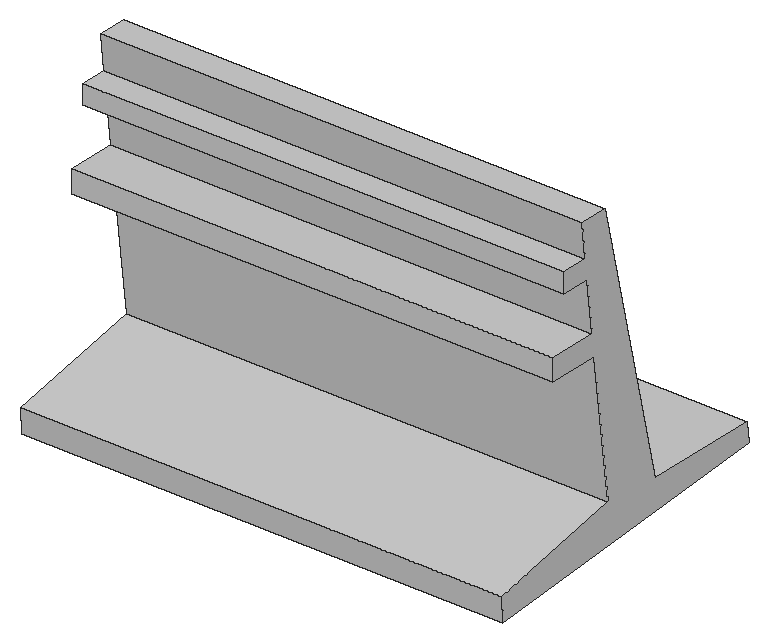
Revit family "720a2750287e4a729347326d46f9e5ea", category Structural Foundations, Revit 2021
Family settings
  Material for Model Behavior = Other
  Cap = No
  OmniClass Number = 23.10.20.14
  OmniClass Title = Retaining Walls
  Seek Item ID = RetainingWall_Par_Family_Shelf2-0000-USA-ENU
  Work Plane-Based = No
  Always vertical = Yes
  Cut with Voids When Loaded = No
  Shared = No
Parameters (values of type "Standard")
  hdiff = h3 - h4  # 0' - 2.10745"
  h7 = h4 - h6  # 9' - 3.38818"
  h6 = Gw1 * tan(Alpha - Beta)  # -0' - 0.41905"
  h4 = (H - Gf3 * cos(Alpha) + Bw * sin(Alpha)) / cos(Beta)  # 9' - 2.96913"
  h3 = (H - Gf3 * cos(Alpha) + (Bw + Gw2) * sin(Alpha)) / cos(Beta)  # 9' - 5.07658"
  h2 = (Bw + Gw2) * sin(Alpha)  # 0' - 6.18806"
  h1 = Gf4 * cos(Alpha)  # 1' - 3.93912"
  TmpBs2 = Gf4 * sin(Alpha) + (Bw + Gw2) * cos(Alpha) + (H - Hs2 - Gs2 - h1 + h2) * sin(Beta) + Bs2  # 8' - 3.97934"
  TmpBs1 = Gf4 * sin(Alpha) + (Bw + Gw2) * cos(Alpha) + (H - Hs1 - Gs1 - h1 + h2) * sin(Beta) + Bs1  # 7' - 10.63542"
  Tmp2 = (Bw + Gf3 * tan(Alpha - Gamma)) * cos(Alpha - Gamma)  # 3' - 8.82571"
  Tmp1 = (Bw + Gw2 + Gf4 * tan(Alpha - Beta)) * cos(Alpha - Beta)  # 5' - 10.39836"
  Structural Material [instance] = Concrete, Cast-in-Place gray
  Length = 16' - 5"
  Hs2 = 3' - 7"
  Hs1 = 1' - 2"
  H = 9' - 10"
  Gw2 = 2' - 0"
  Gw1 = 1' - 0"
  Gs2 = 0' - 9"
  Gs1 = 0' - 8"
  Gf4 = 1' - 4"
  Gf3 = 1' - 0"
  Gf2 = 0' - 10"
  Gf1 = 0' - 8"
  Gamma2 = atan((Gw2 * cos(Alpha - Beta) - Gw1 * cos(Alpha - Beta)) / h7)  # 6.14512°
  Gamma = Gamma2 + Beta  # 13.1451°
  Bw = 3' - 11"
  Bs2 = 1' - 9"
  Bs1 = 1' - 0"
  Beta = 7.00°
  B = 10' - 6"
  Assembly Code = ""
  Alpha = 5.00°
Reference planes (in)
  plane 1 "Center (Front/Back)": y = 0
  plane 2: z = 0
  plane 3 "Center (Left/Right)": x = 0
  plane 4: z = 118
  plane 5: x = 197
  plane 6: z = 104
  plane 7: z = 96
  plane 8: y = -94.63542
  plane 9: z = 75
  plane 10: z = 66
  plane 11: y = -99.97934
Forms (in)
  Sweep 1, solid, material "Concrete, Cast-in-Place gray" <- "Structural Material"
    path origin (0, 0, 0) x (1, 0, 0) y (0, 1, 0)
      loop
        line (0, 0) -> (197, 0)
    profile "Shelf2-Profile : Shelf2-Profile" origin (98.5, 0, 0) x (0, 1, 0) y (0, 0, 1)
      loop
        line (-73.58931, 118) -> (-85.41561, 118) -> (-83.69663, 104) -> (-94.63542, 104) -> (-94.63542, 96) -> (-82.71435, 96) -> (-80.13588, 75) -> (-99.97934, 75) -> (-99.97934, 66) -> (-79.03082, 66) -> (-72.12432, 9.75106) -> (-126.39209, -1.01968) -> (-125.52053, -10.98162) -> (0, 0) -> (-0.69725, 7.96956) -> (-47.86702, 7.85802) -> (-73.58931, 118)
Dimensions and locks (in)
  "H": plane 4 to plane 2
  "Length": plane 3 "Center (Left/Right)" to plane 5
  "Hs1": plane 4 to plane 6
  "Gs1": plane 6 to plane 7
  "TmpBs1": plane 8 to plane 1 "Center (Front/Back)"
  "Hs2": plane 4 to plane 9
  "Gs2": plane 9 to plane 10
  "TmpBs2": plane 1 "Center (Front/Back)" to plane 11
  aligned and locked: plane 1 "Center (Front/Back)" to Sweep 1 sketch curve
  aligned and locked: plane 3 "Center (Left/Right)" to Sweep 1 sketch curve
  aligned and locked: plane 5 to Sweep 1 sketch curve
